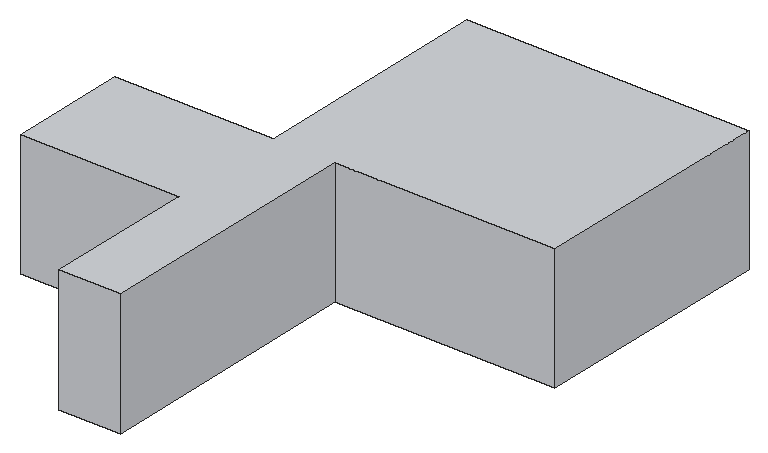
Revit family "AP - Generic - 1", category Generic Models, Revit 2017
Family settings
  Can host rebar = No
  Round Connector Dimension = Use Diameter
  Part Type = Normal
  Work Plane-Based = No
  Always vertical = Yes
  Cut with Voids When Loaded = No
  Shared = No
  Room Calculation Point = No
Parameters (values of type "Type 5")
  Sud = 1700 mm
  Ovest = 1800 mm
  Nord_XL = 4100 mm
  Nord_L = 1350 mm
  Est_XL = 3200 mm
  Est_L = 700 mm
  Altezza = 1420 mm
Types (6, lengths in mm): name | Sud | Ovest | Nord_XL | Nord_L | Est_XL | Est_L | Altezza
  (no name) | 1700 | 1800 | 4100 | 1350 | 3200 | 700 | 1420
  Type 1 | 1200 | 2500 | 3700 | 2700 | 3200 | 1900 | 400
  Type 2 | 1700 | 2500 | 4100 | 1900 | 4400 | 1100 | 750
  Type 3 | 2400 | 2500 | 4100 | 1900 | 3400 | 900 | 320
  Type 4 | 2200 | 1900 | 5100 | 1900 | 2400 | 1700 | 1270
  Type 5 | 1700 | 1800 | 4100 | 1350 | 3200 | 700 | 1420
Reference planes
  plane 1 "Center (Front/Back)": y = 0
  plane 2: z = 0
  plane 3 "Center (Left/Right)": x = 0
  plane 4: x = 700
  plane 5: y = 1350
  plane 6: y = 4100
  plane 7: x = 3200
  plane 8: x = -1800
  plane 9: y = -1700
  plane 10: z = 1420
Forms (mm)
  Extrusion 1, solid
    sketch origin (0, 0, 0) x (1, 0, 0) y (0, 1, 0)
      loop
        line (0, 4100) -> (0, 1350) -> (-1800, 1350) -> (-1800, 0) -> (0, 0) -> (0, -1700) -> (700, -1700) -> (700, 1350) -> (3200, 1350) -> (3200, 4100) -> (0, 4100)
    from 0 to 1420
Dimensions and locks
  "Nord_XL": plane 6 to plane 1 "Center (Front/Back)"
  "Est_XL": plane 7 to plane 3 "Center (Left/Right)"
  "Est_L": plane 3 "Center (Left/Right)" to plane 4
  "Nord_L": plane 5 to plane 1 "Center (Front/Back)"
  "Ovest": plane 8 to plane 3 "Center (Left/Right)"
  "Sud": plane 9 to plane 1 "Center (Front/Back)"
  "Altezza": plane 10 to plane 2
  aligned and locked: level to plane 2
  aligned and locked: Extrusion 1 to plane 3 "Center (Left/Right)"  (x2)
  aligned and locked: Extrusion 1 to plane 8
  aligned and locked: Extrusion 1 to plane 9
  aligned and locked: plane 1 "Center (Front/Back)" to Extrusion 1
  aligned and locked: plane 7 to Extrusion 1
  aligned and locked: plane 4 to Extrusion 1
  aligned and locked: plane 6 to Extrusion 1
  aligned and locked: plane 5 to Extrusion 1
  aligned and locked: Extrusion 1 to plane 5
  aligned and locked: plane 10 to Extrusion 1
Automatic sketch dimensions
  Extrusion 1 sketch curve to plane 3 "Center (Left/Right)" = 1800 mm
  plane 3 "Center (Left/Right)" to Extrusion 1 sketch curve = 0 mm
  Extrusion 1 sketch curve to plane 4 = 700 mm
  Extrusion 1 sketch curve to plane 7 = 2500 mm
  plane 6 to Extrusion 1 sketch curve = 0 mm
  plane 7 to Extrusion 1 sketch curve = 0 mm
  plane 5 to Extrusion 1 sketch curve = 0 mm
  Extrusion 1 sketch curve to plane 5 = 0 mm
  Extrusion 1 sketch curve to plane 9 = 0 mm
  plane 9 to Extrusion 1 sketch curve = 1700 mm
